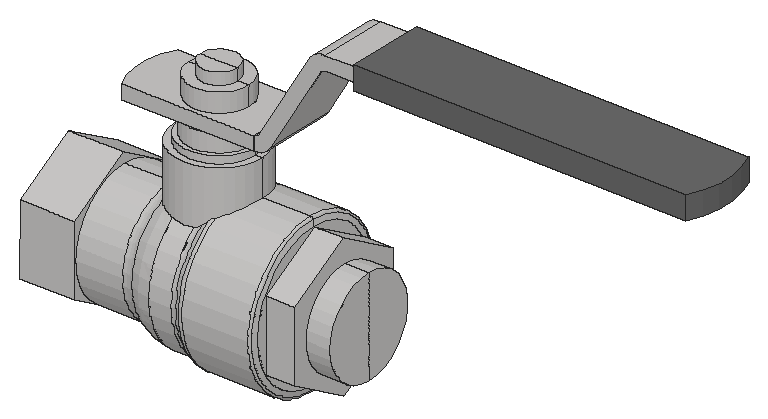
Revit family "Plumbing_Joints_Aignep_Ball-Valve-Male-Female-Inox316L-66069", category Pipe Accessories, Revit 2018
Family settings
  Round Connector Dimension = Use Diameter
  Part Type = Valve - Breaks Into
  OmniClass Number = 23.27.43.00
  OmniClass Title = Pipe Fittings
  Work Plane-Based = No
  Always vertical = Yes
  Cut with Voids When Loaded = No
  Shared = No
Parameters (values of type "1/2"")
  Product Material = AIGNEP - Inox - Grey
  Nominal Diameter = 12.700 mm
  QR code = "https://www.bimobject.com/aignep/product/ball-valve-male-ga-iso-228-female-g-iso-228-inox316l-66069"
  Product url = "https://www.aignep.com/eng/Pipe-fittings-INFINITY/Air-Pipeline-INFINITY-Series/BALL-VALVE-MALE-GA-ISO-228-FEMALE-G-ISO-228-INOX316L"
  Product name = "Ball Valve Male Ga Iso 228 - Female G Iso 228 - Inox316L - 66069"
  Product group = "Valves"
  Product family = "INFINITY"
  Product certification = "https://www.aignep.com/eng/Certificazioni/FREE-OF-SILICON"
  Product SKU = "Ball-Valve-Male-Ga-Iso-228-Female-G-Iso-228-Inox316L-66069"
  OmniClass Description = "Pipe Fittings"
  OmniClass Code = "23-27 43 00"
  Manufacturer name = "Aignep Spa"
  Manufacturer country = "Italy"
  IFC Classification = "Pipe Fitting"
  L = 65.000 mm
  H = 55.000 mm
  G = 110.000 mm
  Design country = "Italy"
  Description = "Ball valve male ga iso 228 - female g iso 228 - INOX316L"  # constant formula
  URL = "https://www.aignep.com/"
  Tick Size = Nominal Diameter * 0.8  # 10.160 mm
  Product data url = "https://www.bimobject.com/aignep/product/ball-valve-male-ga-iso-228-female-g-iso-228-inox316l-66069"
  Product Guid = "9cf7bb1f-fcd4-4dd5-8af6-e56d9f783844"
  Model = "66069"  # constant formula
  Manufacturer = "Aignep Spa"  # constant formula
  Keynote = "15410"
  Edition number = 1
  CH = 26.500 mm
  BIMobject category = "Valves"
  B = 12.700 mm
  Assembly Code = "D2040100"
  Article Code [instance] = "66069 00 001"  # constant formula
  A = 12.700 mm
Reference planes
  plane 1 "Center (Front/Back)": y = 0
  plane 2: z = 0
  plane 3 "Center (Left/Right)": x = 0
  plane 4: x = -32.5
  plane 5: x = 32.5
  plane 6: z = 6.35
  plane 7: z = -6.35
  plane 8: x = 110
  plane 9: z = 55
  plane 10 "mid": x = 3.248
Forms (mm)
  Extrusion 1, solid, material "AIGNEP - Inox - Grey" <- "Product Material", detail levels fine
    sketch origin (0, 0, 0) x (1, 0, 0) y (0, 1, 0)
      loop
        line (13.634, -7.5) -> (13.634, 7.5) -> (-14.99, 7.5)
        arc (-14.99, 7.5) -> (-16.966, 0) -> (-14.99, -7.5) r 15.223
        line (-14.99, -7.5) -> (13.634, -7.5)
    from 30.8 to 33.8
  Extrusion 2, solid, material "AIGNEP - Inox - Grey" <- "Product Material", detail levels fine
    sketch origin (0, 0, 0) x (1, 0, 0) y (0, 0, 1)
      loop
        arc (13.634, 30.8) -> (15.884, 31.403) -> (17.531, 33.05) r 4.5
        line (17.531, 33.05) -> (27.973, 51.136)
        arc (27.973, 51.136) -> (28.459, 51.622) -> (29.123, 51.8) r 1.328
        line (29.123, 51.8) -> (36, 51.8) -> (36, 54.8) -> (29.035, 54.8)
        arc (29.035, 54.8) -> (26.947, 54.241) -> (25.419, 52.712) r 4.176
        line (25.419, 52.712) -> (14.933, 34.55)
        arc (14.933, 34.55) -> (14.384, 34.001) -> (13.634, 33.8) r 1.5
        line (13.634, 33.8) -> (13.634, 30.8)
    from -7.5 to 7.5
  Extrusion 3, solid, material "AIGNEP - Plastic - Black", detail levels fine
    sketch origin (0, 0, 0) x (1, 0, 0) y (0, 1, 0)
      loop
        line (36, -8.5) -> (107.99, -8.5)
        arc (107.99, -8.5) -> (110, 0) -> (107.99, 8.5) r 18.981
        line (107.99, 8.5) -> (36, 8.5) -> (36, -8.5)
    from 50.8 to 55.8
  Revolve 4, solid, material "AIGNEP - Inox - Grey" <- "Product Material", detail levels fine
    sketch origin (0, 0, 0) x (1, 0, 0) y (0, 0, 1)
      loop
        line (-20.603, -13.255) -> (-10.372, -13.255)
        arc (-10.372, -13.255) -> (-9.036, -13.437) -> (-7.798, -13.969) r 5
        arc (-7.798, -13.969) -> (-5.32, -15.129) -> (-2.659, -15.759) r 13.326
        line (-2.659, -15.759) -> (2.183, -15.759)
        arc (2.183, -15.759) -> (2.829, -15.844) -> (3.432, -16.094) r 2.497
        line (3.432, -16.094) -> (4.515, -16.719)
        arc (4.515, -16.719) -> (5.04, -16.937) -> (5.602, -17.011) r 2.173
        line (5.602, -17.011) -> (19.717, -17.011)
        arc (19.717, -17.011) -> (20.093, -16.883) -> (20.314, -16.553) r 0.618
        line (20.314, -16.553) -> (20.637, -15.345) -> (20.637, 0) -> (-20.603, 0) -> (-20.603, -13.255)
      axis (20.637, 0) -> (-20.603, 0)
    angle from 0 to 360
  Revolve 5, solid, material "AIGNEP - Inox - Grey" <- "Product Material", detail levels fine
    sketch origin (0, 0, 0) x (1, 0, 0) y (0, 0, 1)
      loop
        line (0, 40.3) -> (0, 6.35) -> (9.5, 6.35) -> (9.5, 24.8) -> (8, 24.8) -> (8, 26.3) -> (7.009, 26.3) -> (7.009, 30.088)
        arc (7.009, 30.088) -> (6.868, 30.525) -> (6.5, 30.8) r 0.753
        line (6.5, 30.8) -> (6.5, 37.8) -> (4.016, 37.8) -> (4.016, 40.3) -> (0, 40.3)
      axis (0, 40.3) -> (0, 6.35)
    angle from 0 to 360
  Revolve 6, solid, material "AIGNEP - Inox - Grey" <- "Product Material", detail levels fine
    sketch origin (0, 0, 0) x (1, 0, 0) y (0, 0, 1)
      loop
        line (32.5, 10.459) -> (27.1, 10.459) -> (27.1, 0) -> (32.5, 0) -> (32.5, 10.459)
      axis (32.5, 0) -> (27.1, 0)
    angle from 0 to 360
  Extrusion 7, solid, material "AIGNEP - Inox - Grey" <- "Product Material", detail levels fine
    sketch origin (0, 0, 0) x (0, 1, 0) y (0, 0, 1)
      loop
        line (13.25, 7.65) -> (0, 15.3) -> (-13.25, 7.65) -> (-13.25, -7.65) -> (0, -15.3) -> (13.25, -7.65) -> (13.25, 7.65)
    from -32.5 to -20.603
  Extrusion 8, solid, material "AIGNEP - Inox - Grey" <- "Product Material", detail levels fine
    sketch origin (0, 0, 0) x (0, 1, 0) y (0, 0, 1)
      loop
        line (0, 15.3) -> (-13.25, 7.65) -> (-13.25, -7.65) -> (0, -15.3) -> (13.25, -7.65) -> (13.25, 7.65) -> (0, 15.3)
    from 20.637 to 27.1
Cuts and joins
  joined: Revolve 4, Revolve 5
Lines and regions (mm)
  model lines, detail levels coarse+medium
    curve 1: line (-20.603, 10.16, 0) -> (-20.603, -10.16, 0)
    curve 2: line (27.1, 10.16, 0) -> (27.1, -10.16, 0)
    curve 3: line (-20.603, 10.16, 0) -> (27.1, -10.16, 0)
    curve 4: line (27.1, 10.16, 0) -> (-20.603, -10.16, 0)
    curve 5: line (3.248, 0, 0) -> (3.248, 0, 30.8)
    curve 6: line (3.248, 0, 30.8) -> (56.624, 0, 30.8)
Dimensions and locks
  equal spacing: plane 5, plane 3 "Center (Left/Right)", plane 4
  "L": plane 5 to plane 4
  equal spacing: plane 6, plane 2, plane 7
  "A": plane 6 to plane 7
  "G": plane 8 to plane 3 "Center (Left/Right)"
  "H": plane 9 to plane 2
  locked: curve 2 to plane 5 at 5.4
  locked: plane 4 to curve 1 at 11.897
  equal spacing: curve 1, plane 1 "Center (Front/Back)", curve 1
  "Tick Size": plane 1 "Center (Front/Back)" to curve 1
  "Tick Size": plane 1 "Center (Front/Back)" to curve 2
  "Tick Size": curve 2 to plane 1 "Center (Front/Back)"
  locked: plane 3 "Center (Left/Right)" to plane 10 "mid" at 3.248
  locked: plane 9 to curve 6 at 24.2
  equal spacing: plane 8, curve 6, plane 10 "mid"
  aligned and locked: level to plane 2
  aligned and locked: Revolve 6 sketch curve to plane 5
  aligned and locked: Extrusion 7 to plane 4
Automatic sketch dimensions
  plane 1 "Center (Front/Back)" to Extrusion 1 sketch curve = 0.000 mm
  Extrusion 1 sketch curve to plane 3 "Center (Left/Right)" = 14.990 mm  (x2)
  Extrusion 1 sketch curve to plane 1 "Center (Front/Back)" = 7.500 mm
  Extrusion 1 sketch curve to plane 3 "Center (Left/Right)" = 1.743 mm
  plane 3 "Center (Left/Right)" to Extrusion 1 sketch curve = 13.634 mm
  Extrusion 2 sketch curve to Extrusion 2 sketch curve = 0.000 mm  (x2)
  plane 3 "Center (Left/Right)" to Extrusion 2 sketch curve = 13.634 mm
  Extrusion 2 sketch curve to Extrusion 2 sketch curve = 1.299 mm
  Extrusion 2 sketch curve to Extrusion 2 sketch curve = 2.598 mm
  Extrusion 2 sketch curve to plane 9 = 2.288 mm
  plane 5 to Extrusion 2 sketch curve = 7.081 mm
  Extrusion 2 sketch curve to Extrusion 2 sketch curve = 2.554 mm
  Extrusion 2 sketch curve to Extrusion 2 sketch curve = 1.062 mm
  Extrusion 2 sketch curve to Extrusion 2 sketch curve = 0.088 mm
  Extrusion 2 sketch curve to plane 5 = 3.500 mm
  Extrusion 2 sketch curve to plane 9 = 3.200 mm
  Extrusion 2 sketch curve to Extrusion 2 sketch curve = 0.664 mm
  Extrusion 2 sketch curve to Extrusion 2 sketch curve = 0.152 mm
  Extrusion 2 sketch curve to plane 9 = 19.700 mm
  Extrusion 2 sketch curve to Extrusion 2 sketch curve = 0.750 mm
  Extrusion 2 sketch curve to Extrusion 2 sketch curve = 1.500 mm
  plane 1 "Center (Front/Back)" to Extrusion 3 sketch curve = 0.000 mm
  Extrusion 3 sketch curve to plane 5 = 3.500 mm
  Extrusion 3 sketch curve to plane 8 = 18.981 mm
  plane 1 "Center (Front/Back)" to Extrusion 3 sketch curve = 8.500 mm
  Extrusion 3 sketch curve to plane 8 = 2.010 mm  (x2)
  Revolve 4 sketch curve to level = 0.000 mm  (x2)
  plane 4 to Revolve 4 sketch curve = 11.897 mm
  Revolve 4 sketch curve to Revolve 4 sketch curve = 10.231 mm
  Revolve 4 sketch curve to plane 3 "Center (Left/Right)" = 2.659 mm
  Revolve 4 sketch curve to plane 3 "Center (Left/Right)" = 0.936 mm
  plane 3 "Center (Left/Right)" to Revolve 4 sketch curve = 2.183 mm
  Revolve 4 sketch curve to Revolve 4 sketch curve = 1.248 mm
  Revolve 4 sketch curve to Revolve 4 sketch curve = 1.084 mm
  Revolve 4 sketch curve to Revolve 4 sketch curve = 1.087 mm
  plane 5 to Revolve 4 sketch curve = 12.783 mm
  Revolve 4 sketch curve to Revolve 4 sketch curve = 0.597 mm
  Revolve 4 sketch curve to Revolve 4 sketch curve = 0.324 mm
  Revolve 4 sketch curve to level = 2.545 mm
  plane 7 to Revolve 4 sketch curve = 6.905 mm
  plane 7 to Revolve 4 sketch curve = 8.487 mm
  plane 7 to Revolve 4 sketch curve = 8.995 mm
  Revolve 4 sketch curve to Revolve 4 sketch curve = 2.505 mm
  Revolve 4 sketch curve to Revolve 4 sketch curve = 0.334 mm
  Revolve 4 sketch curve to Revolve 4 sketch curve = 1.048 mm
  Revolve 4 sketch curve to Revolve 4 sketch curve = 0.160 mm
  Revolve 4 sketch curve to Revolve 4 sketch curve = 5.000 mm
  Revolve 4 sketch curve to Revolve 4 sketch curve = 0.000 mm
  Revolve 4 sketch curve to Revolve 4 sketch curve = 4.112 mm
  Revolve 5 sketch curve to plane 3 "Center (Left/Right)" = 0.000 mm  (x2)
  Revolve 5 sketch curve to plane 6 = 0.000 mm
  plane 3 "Center (Left/Right)" to Revolve 5 sketch curve = 4.016 mm
  plane 3 "Center (Left/Right)" to Revolve 5 sketch curve = 6.256 mm
  Revolve 5 sketch curve to Revolve 5 sketch curve = 2.484 mm
  Revolve 5 sketch curve to Revolve 5 sketch curve = 0.753 mm
  Revolve 5 sketch curve to Revolve 5 sketch curve = 0.991 mm
  plane 3 "Center (Left/Right)" to Revolve 5 sketch curve = 9.500 mm
  plane 6 to Revolve 5 sketch curve = 18.450 mm
  Revolve 5 sketch curve to Revolve 5 sketch curve = 1.500 mm
  Revolve 5 sketch curve to Revolve 5 sketch curve = 3.788 mm
  Revolve 5 sketch curve to Revolve 5 sketch curve = 7.000 mm
  Revolve 5 sketch curve to Revolve 5 sketch curve = 2.500 mm
  plane 3 "Center (Left/Right)" to Revolve 5 sketch curve = 0.000 mm
  Revolve 5 sketch curve to Revolve 5 sketch curve = 1.292 mm
  Revolve 5 sketch curve to Revolve 5 sketch curve = 2.190 mm
  Revolve 6 sketch curve to level = 0.000 mm  (x2)
  plane 5 to Revolve 6 sketch curve = 0.000 mm
  Revolve 6 sketch curve to Revolve 6 sketch curve = 5.400 mm
  plane 6 to Revolve 6 sketch curve = 4.109 mm
  Revolve 6 sketch curve to plane 5 = 2.548 mm
  plane 1 "Center (Front/Back)" to Extrusion 7 sketch curve = 0.000 mm
  plane 6 to Extrusion 7 sketch curve = 8.950 mm
  plane 6 to Extrusion 7 sketch curve = 1.300 mm  (x2)
  plane 1 "Center (Front/Back)" to Extrusion 7 sketch curve = 13.250 mm
  Extrusion 7 sketch curve to plane 1 "Center (Front/Back)" = 13.250 mm
  plane 7 to Extrusion 7 sketch curve = 1.300 mm  (x2)
  Extrusion 7 sketch curve to plane 1 "Center (Front/Back)" = 0.000 mm
  plane 7 to Extrusion 7 sketch curve = 8.950 mm
  plane 1 "Center (Front/Back)" to Extrusion 8 sketch curve = 0.000 mm  (x2)
  plane 6 to Extrusion 8 sketch curve = 8.950 mm
  plane 6 to Extrusion 8 sketch curve = 1.300 mm  (x2)
  plane 1 "Center (Front/Back)" to Extrusion 8 sketch curve = 13.250 mm
  Extrusion 8 sketch curve to plane 1 "Center (Front/Back)" = 13.250 mm
  plane 7 to Extrusion 8 sketch curve = 1.300 mm  (x2)
  plane 7 to Extrusion 8 sketch curve = 8.950 mm
  curve 6 to plane 10 "mid" = 0.000 mm
  curve 5 to level = 0.000 mm
Connectors
  piping at (-20.603, 0, 0), diameter 12.7, driven by "Nominal Diameter"
    settings: on cut or joined group of Revolve 4, Revolve 5, index 1, connector inside diameter 609.600 mm, connector length 0.000 mm, flow factor 0, pipe flow 0.0 L/s, pressure drop 0.0 Pa, fitting loss kfactor 0, connector angle 0.00°, fixture units 0, engagement length 0.000 mm, angle of deflection 0.00°, flow configuration 0, flow direction 0, fitting loss method 0, system type 28, joint type 0, gender type 0, connector reference index -1, connector utility 0, adjustable connector no, is connector primary yes, connector description ""
  piping at (27.1, 0, 0), diameter 12.7, driven by "Nominal Diameter"
    settings: on Revolve 6, index 2, connector inside diameter 609.600 mm, connector length 0.000 mm, flow factor 0, pipe flow 0.0 L/s, pressure drop 0.0 Pa, fitting loss kfactor 0, connector angle 0.00°, fixture units 0, engagement length 0.000 mm, angle of deflection 0.00°, flow configuration 0, flow direction 0, fitting loss method 0, system type 28, joint type 0, gender type 0, connector reference index -1, connector utility 0, adjustable connector no, is connector primary no, connector description ""
